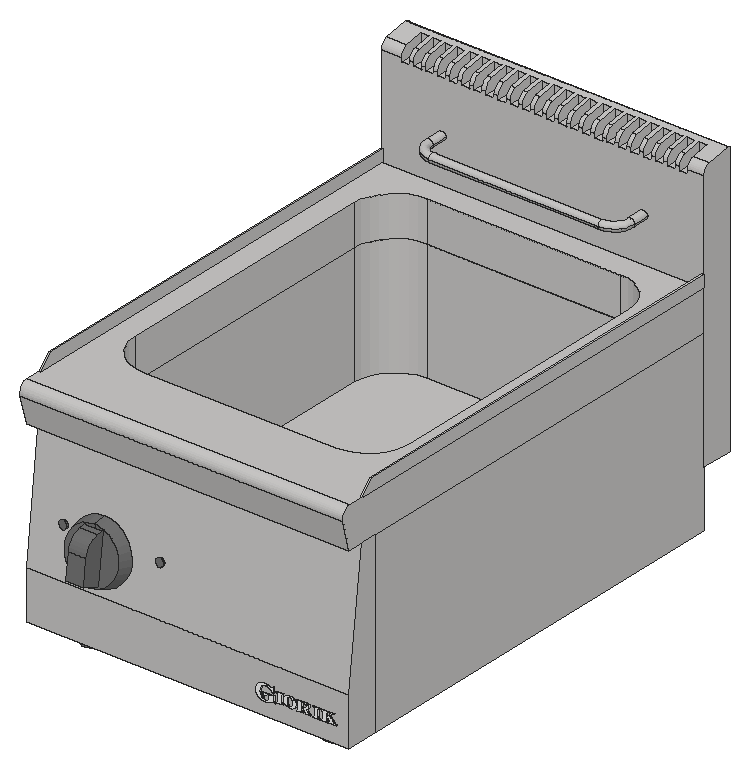
Revit family "QF_GIORIK_LSE4711", category Specialty Equipment, Revit 2014
Parameters (values of type "LSE4711")
  Weight in Pounds = 48.5016
  Watts = 1400 W
  Volts = 230 V
  URL Cutsheet = "www.giorik.com"
  URL = "www.giorik.com"
  Status [instance] = ""
  Specification by User [instance] = ""
  Specification by Manufacturer = ""
  Show Logo [instance] = yes
  Show Clearance [instance] = yes
  Serial Number = ""
  Seismic Rating = ""
  SMACNA No = ""
  Revision Code [instance] = ""
  Phase = 1
  Number of Poles [instance] = 1
  NAFEM Spec ID Number = ""
  Model = "LSE4711"
  Min Ckt Ampacity = 0 A
  Max Overcurrent Protection = 0 A
  Masterspec = ""
  Manufacturer = "GIORIK"
  Item Number [instance] = ""
  Installed By [instance] = ""
  Identify Quantity as Lot [instance] = no
  HP = "1.877428000000"
  Furnished By [instance] = ""
  Foodservice Equipment Identifier [instance] = yes
  FL Amps = 0 A
  Electrical Remarks [instance] = ""
  Electric Connection Type [instance] = ""
  Elec Conn RI Height [instance] = 0 mm
  Elec Conn Connection Height [instance] = 45 mm
  Description = "CHIPS SCUTTLES GN 2/3"
  Cycle = 50 Hz
  Conn Plug = ""
  CSI MasterFormat = ""
  Assembly Code = "E1090320"
  Apparent Power = 1400 VA
Reference planes
  plane 1 "Back": y = 0
  plane 2: z = 0
  plane 3 "Left": x = 0
  plane 4 "Right": x = 400
  plane 5 "Front": y = -600
  plane 6 "Top": z = 430
Forms (mm)
  Extrusion 1, solid
    sketch origin (0, 1000, -578.42) x (0, 1, 0) y (0, 0, 1)
      loop
        line (-1040.007, 869.975) -> (-1589.445, 869.975)
        arc (-1589.445, 869.975) -> (-1598.171, 865.672) -> (-1600.069, 856.13) r 10.999
        line (-1600.069, 856.13) -> (-1590.388, 820) -> (-1040.007, 820) -> (-1040.007, 869.975)
    from 0 to 400
  Extrusion 2, solid
    sketch origin (0, 0, -558.42) x (0, 1, 0) y (0, 0, 1)
      loop
        line (-570.06, 849.975) -> (-40.007, 849.975) -> (-40.007, 864.975) -> (-555.06, 864.975) -> (-570.06, 849.975)
    from 0 to 1.85
  Extrusion 3, solid
    sketch origin (0, 0, -558.42) x (0, 1, 0) y (0, 0, 1)
      loop
        line (-40.007, 800) -> (-550, 800) -> (-550, 580) -> (-40.007, 580) -> (-40.007, 800)
    from 0 to 400
  Extrusion 4, solid
    sketch origin (0, 0, -558.42) x (0, 1, 0) y (0, 0, 1)
      loop
        line (-550, 800) -> (-570.5, 800) -> (-590, 640) -> (-590, 580) -> (-550, 580) -> (-550, 800)
    from 0 to 400
  Extrusion 5, solid
    sketch origin (398.094, 0, -558.42) x (0, 1, 0) y (0, 0, 1)
      loop
        line (-570.06, 849.975) -> (-40.007, 849.975) -> (-40.007, 864.975) -> (-555.06, 864.975) -> (-570.06, 849.975)
    from -0.15 to 1.906
  Extrusion 6, solid
    sketch origin (0, 0, -558.42) x (0, 1, 0) y (0, 0, 1)
      loop
        line (-40.007, 974.217) -> (-40.007, 650.827) -> (0, 650.827) -> (0, 988.42)
        arc (0, 988.42) -> (-0.57, 989.648) -> (-1.878, 990) r 1.6
        line (-1.878, 990) -> (-31.072, 984.852)
        arc (-31.072, 984.852) -> (-37.477, 981.162) -> (-40.007, 974.217) r 10.797
    from 0 to 400
  Revolve 7, solid
    sketch origin (100.155, -0.544, -560.289) x (0, 1, 0) y (0, 0, 1)
      loop
        line (-598.03, 706.389) -> (-594.27, 737.013) -> (-609.648, 734.852) -> (-613.772, 701.269) -> (-581.482, 697.305) -> (-580.629, 704.252) -> (-598.03, 706.389)
      axis (-581.482, 697.305) -> (-613.772, 701.269)
    angle from 0 to 360
  Extrusion 8, solid
    sketch origin (-62.831, -0.544, -560.289) x (0, 1, 0) y (0, 0, 1)
      loop
        line (-635.843, 711.553) -> (-639.647, 680.575) -> (-617.415, 671.593) -> (-610.135, 730.882) -> (-617.934, 729.786)
        arc (-617.934, 729.786) -> (-629.982, 723.708) -> (-635.843, 711.553) r 20.998
    from 151.831 to 173.831
  Extrusion 9, solid
    sketch origin (368.319, 0, -561) x (1, 0, 0) y (0, 0, 1)
      loop
        circle (-38.319, 606) r 12.5
    from 20.007 to 40.007
  Extrusion 10, solid, visible <- "Show Logo"
    sketch origin (191.604, -590.5, -4.533) x (-1, 0, 0) y (0, 0, 1)
      loop
        line (-118.824, 58.358) -> (-127.804, 58.358) -> (-125.523, 56.445) -> (-125.523, 48.027) -> (-127.804, 46.113) -> (-118.824, 46.113) -> (-121.105, 48.027) -> (-121.105, 56.445) -> (-118.824, 58.358)
      loop
        line (-163.721, 58.358) -> (-172.7, 58.358) -> (-170.42, 56.445) -> (-170.42, 48.027) -> (-172.7, 46.113) -> (-163.721, 46.113) -> (-166.001, 48.027) -> (-166.001, 56.445) -> (-163.721, 58.358)
      loop
        line (-174.332, 58.358) -> (-183.312, 58.358) -> (-181.031, 56.445) -> (-181.031, 52.435) -> (-186.419, 56.955) -> (-184.416, 58.358) -> (-191.268, 58.358) -> (-188.01, 56.839) -> (-185.455, 54.283) -> (-190.846, 47.858) -> (-193.396, 46.93) -> (-193.396, 46.113) -> (-184.416, 46.113) -> (-185.437, 47.571) -> (-182.443, 51.552) -> (-181.031, 50.894) -> (-181.031, 48.027) -> (-183.312, 46.113) -> (-174.332, 46.113) -> (-176.613, 48.027) -> (-176.613, 56.445) -> (-174.332, 58.358)
      loop
        line (-115.429, 62.063) -> (-115.429, 54.198)
        arc (-115.429, 54.198) -> (-111.618, 57.803) -> (-106.847, 59.986) r 16.039
        arc (-106.847, 59.986) -> (-103.314, 59.837) -> (-100.512, 57.68) r 5.851
        arc (-100.512, 57.68) -> (-98.815, 52.267) -> (-100.512, 46.853) r 9.479
        arc (-100.512, 46.853) -> (-102.406, 44.986) -> (-104.846, 43.93) r 7.236
        arc (-104.846, 43.93) -> (-107.728, 44.111) -> (-110.052, 45.825) r 5.11
        line (-110.052, 45.825) -> (-110.052, 52.001) -> (-116.141, 52.001) -> (-116.141, 45.503) -> (-117.893, 43.751) -> (-114.094, 44.769)
        arc (-114.094, 44.769) -> (-112.56, 44.947) -> (-111.129, 44.366) r 3.115
        arc (-111.129, 44.366) -> (-104.216, 42.091) -> (-97.303, 44.366) r 11.641
        arc (-97.303, 44.366) -> (-93.396, 52.107) -> (-97.303, 59.849) r 9.622
        arc (-97.303, 59.849) -> (-104.369, 62.174) -> (-111.435, 59.849) r 11.898
        line (-111.435, 59.849) -> (-115.429, 62.063)
      loop
        arc (-129.234, 56.068) -> (-135.893, 58.628) -> (-142.552, 56.068) r 9.941
        arc (-142.552, 56.068) -> (-144.234, 52.286) -> (-142.552, 48.505) r 5.093
        arc (-142.552, 48.505) -> (-135.893, 45.945) -> (-129.234, 48.505) r 9.941
        arc (-129.234, 48.505) -> (-127.552, 52.286) -> (-129.234, 56.068) r 5.093
      loop
        arc (-132.628, 54.403) -> (-135.893, 57.668) -> (-139.158, 54.403) r 3.265
        line (-139.158, 54.403) -> (-139.158, 50.169)
        arc (-139.158, 50.169) -> (-135.893, 46.904) -> (-132.628, 50.169) r 3.265
        line (-132.628, 50.169) -> (-132.628, 54.403)
      loop
        arc (-156.363, 58.365) -> (-159.647, 55.081) -> (-156.363, 51.796) r 3.285
        line (-156.363, 51.796) -> (-159.529, 47.306) -> (-162.087, 46.113) -> (-155.847, 46.113) -> (-153.529, 51.083) -> (-150.637, 51.083) -> (-150.637, 47.784) -> (-153.022, 46.113) -> (-144.011, 46.113) -> (-146.094, 47.68) -> (-146.094, 56.493) -> (-144.229, 58.365) -> (-156.363, 58.365)
      loop
        line (-150.637, 57.512) -> (-153.637, 57.512)
        arc (-153.637, 57.512) -> (-156.237, 54.912) -> (-153.637, 52.312) r 2.6
        line (-153.637, 52.312) -> (-150.637, 52.312) -> (-150.637, 57.512)
      loop
        line (-108.924, 52.001) -> (-104.936, 49.005) -> (-100.948, 52.001) -> (-108.924, 52.001)
    from 1.5 to -0.5
  Extrusion 11, void
    sketch origin (10, 0, 431.58) x (0, 1, 0) y (-1, 0, 0)
      loop
        line (-40.007, -25) -> (-9.931, -25) -> (-9.931, -15) -> (-40.007, -15) -> (-40.007, -25)
      loop
        line (-40.007, -40) -> (-9.931, -40) -> (-9.931, -30) -> (-40.007, -30) -> (-40.007, -40)
      loop
        line (-40.007, -55) -> (-9.931, -55) -> (-9.931, -45) -> (-40.007, -45) -> (-40.007, -55)
      loop
        line (-40.007, -70) -> (-9.931, -70) -> (-9.931, -60) -> (-40.007, -60) -> (-40.007, -70)
      loop
        line (-40.007, -85) -> (-9.931, -85) -> (-9.931, -75) -> (-40.007, -75) -> (-40.007, -85)
      loop
        line (-40.007, -100) -> (-9.931, -100) -> (-9.931, -90) -> (-40.007, -90) -> (-40.007, -100)
      loop
        line (-40.007, -115) -> (-9.931, -115) -> (-9.931, -105) -> (-40.007, -105) -> (-40.007, -115)
      loop
        line (-40.007, -130) -> (-9.931, -130) -> (-9.931, -120) -> (-40.007, -120) -> (-40.007, -130)
      loop
        line (-40.007, -145) -> (-9.931, -145) -> (-9.931, -135) -> (-40.007, -135) -> (-40.007, -145)
      loop
        line (-40.007, -160) -> (-9.931, -160) -> (-9.931, -150) -> (-40.007, -150) -> (-40.007, -160)
      loop
        line (-40.007, -175) -> (-9.931, -175) -> (-9.931, -165) -> (-40.007, -165) -> (-40.007, -175)
      loop
        line (-40.007, -190) -> (-9.931, -190) -> (-9.931, -180) -> (-40.007, -180) -> (-40.007, -190)
      loop
        line (-40.007, -205) -> (-9.931, -205) -> (-9.931, -195) -> (-40.007, -195) -> (-40.007, -205)
      loop
        line (-40.007, -220) -> (-9.931, -220) -> (-9.931, -210) -> (-40.007, -210) -> (-40.007, -220)
      loop
        line (-40.007, -235) -> (-9.931, -235) -> (-9.931, -225) -> (-40.007, -225) -> (-40.007, -235)
      loop
        line (-40.007, -250) -> (-9.931, -250) -> (-9.931, -240) -> (-40.007, -240) -> (-40.007, -250)
      loop
        line (-40.007, -265) -> (-9.931, -265) -> (-9.931, -255) -> (-40.007, -255) -> (-40.007, -265)
      loop
        line (-40.007, -280) -> (-9.931, -280) -> (-9.931, -270) -> (-40.007, -270) -> (-40.007, -280)
      loop
        line (-40.007, -295) -> (-9.931, -295) -> (-9.931, -285) -> (-40.007, -285) -> (-40.007, -295)
      loop
        line (-40.007, -310) -> (-9.931, -310) -> (-9.931, -300) -> (-40.007, -300) -> (-40.007, -310)
      loop
        line (-40.007, -325) -> (-9.931, -325) -> (-9.931, -315) -> (-40.007, -315) -> (-40.007, -325)
      loop
        line (-40.007, -340) -> (-9.931, -340) -> (-9.931, -330) -> (-40.007, -330) -> (-40.007, -340)
      loop
        line (-40.007, -355) -> (-9.931, -355) -> (-9.931, -345) -> (-40.007, -345) -> (-40.007, -355)
      loop
        line (-40.007, -370) -> (-9.931, -370) -> (-9.931, -360) -> (-40.007, -360) -> (-40.007, -370)
    from 0 to -20
  Extrusion 12, solid
    sketch origin (566.603, 14.286, -28.42) x (0, 1, 0) y (-1, 0, 0)
      loop
        circle (-79.293, 516.603) r 5
    from 40.385 to 50
  Revolve 13, solid
    sketch origin (50, 18.936, -600) x (0, 1, 0) y (0, 0, 1)
      loop
        line (-83.943, 611.965) -> (-94.752, 611.965) -> (-97.943, 600) -> (-83.943, 600) -> (-83.943, 611.965)
      axis (-83.943, 611.965) -> (-83.943, 600)
    angle from 0 to 360
  Extrusion 14, solid
    sketch origin (-166.603, 14.286, -28.42) x (0, 1, 0) y (-1, 0, 0)
      loop
        circle (-79.293, -516.603) r 5
    from 40.385 to 50
  Revolve 15, solid
    sketch origin (350, 18.936, -600) x (0, 1, 0) y (0, 0, -1)
      loop
        line (-83.943, -611.965) -> (-83.943, -600) -> (-97.943, -600) -> (-94.752, -611.965) -> (-83.943, -611.965)
      axis (-83.943, -611.965) -> (-83.943, -600)
    angle from 0 to 360
  Extrusion 16, solid
    sketch origin (566.603, -469.707, -30) x (0, 1, 0) y (-1, 0, 0)
      loop
        circle (-79.293, 516.603) r 5
    from 41.965 to 51.58
  Revolve 17, solid
    sketch origin (50, -465.057, -600) x (0, 1, 0) y (0, 0, 1)
      loop
        line (-83.943, 611.965) -> (-94.752, 611.965) -> (-97.943, 600) -> (-83.943, 600) -> (-83.943, 611.965)
      axis (-83.943, 611.965) -> (-83.943, 600)
    angle from 0 to 360
  Extrusion 18, solid
    sketch origin (-166.603, -469.707, -30) x (0, 1, 0) y (-1, 0, 0)
      loop
        circle (-79.293, -516.603) r 5
    from 41.965 to 51.58
  Revolve 19, solid
    sketch origin (350, -465.057, -600) x (0, 1, 0) y (0, 0, -1)
      loop
        line (-83.943, -611.965) -> (-83.943, -600) -> (-97.943, -600) -> (-94.752, -611.965) -> (-83.943, -611.965)
      axis (-83.943, -611.965) -> (-83.943, -600)
    angle from 0 to 360
  Extrusion 20, void
    sketch origin (0, 0, 430) x (0, 1, 0) y (-1, 0, 0)
      loop
        arc (-70, -80) -> (-84.645, -44.645) -> (-120, -30) r 50
        line (-120, -30) -> (-460, -30)
        arc (-460, -30) -> (-495.355, -44.645) -> (-510, -80) r 50
        line (-510, -80) -> (-510, -320.349)
        arc (-510, -320.349) -> (-495.355, -355.704) -> (-460, -370.349) r 50
        line (-460, -370.349) -> (-120, -370.349)
        arc (-120, -370.349) -> (-84.645, -355.704) -> (-70, -320.349) r 50
        line (-70, -320.349) -> (-70, -80)
    from -97.843 to -337.592
  Extrusion 21, solid
    sketch origin (49, -596.729, 0.679) x (1, 0, 0) y (0, 0.099832, 0.995004)
      loop
        circle (111, 140.949) r 5
    from 0 to 0.966
  Extrusion 22, solid
    sketch origin (-48.845, -596.729, 0.679) x (1, 0, 0) y (0, 0.099832, 0.995004)
      loop
        circle (89, 140.949) r 5
    from 0 to 0.966
  Sweep 23, solid
    path origin (0, -95.007, 346.556) x (0, 1, 0) y (-1, 0, 0)
      loop
        line (55, -75) -> (35, -75)
        arc (35, -75) -> (20.858, -80.858) -> (15, -95) r 20
        line (15, -95) -> (15, -305)
        arc (15, -305) -> (20.858, -319.142) -> (35, -325) r 20
        line (35, -325) -> (55, -325)
    profile origin (75, -50.007, 346.556) x (1, 0, 0) y (0, 0, 1)
      loop
        circle (0, 0) r 5
Cuts and joins
  Extrusion 11 cuts Extrusion 6
  Extrusion 20 cuts Extrusion 1
  Extrusion 20 cuts Extrusion 3
Lines and regions (mm)
  symbolic lines, style "200-EquipInternal-2D"
    curve 1: line (25, -9.931, 290) -> (25, -40.007, 290)
    curve 2: line (35, -40.007, 290) -> (35, -9.931, 290)
    curve 3: line (40, -9.931, 290) -> (40, -40.007, 290)
    curve 4: line (50, -40.007, 290) -> (50, -9.931, 290)
    curve 5: line (55, -9.931, 290) -> (55, -40.007, 290)
    curve 6: line (65, -40.007, 290) -> (65, -9.931, 290)
    curve 7: line (85, -9.931, 290) -> (85, -40.007, 290)
    curve 8: line (95, -40.007, 290) -> (95, -9.931, 290)
    curve 9: line (100, -9.931, 290) -> (100, -40.007, 290)
    curve 10: line (110, -40.007, 290) -> (110, -9.931, 290)
    curve 11: line (140, -40.007, 290) -> (140, -9.931, 290)
    curve 12: line (130, -9.931, 290) -> (130, -40.007, 290)
    curve 13: line (155, -40.007, 290) -> (155, -9.931, 290)
    curve 14: line (160, -9.931, 290) -> (160, -40.007, 290)
    curve 15: line (170, -40.007, 290) -> (170, -9.931, 290)
    curve 16: line (145, -9.931, 290) -> (145, -40.007, 290)
    curve 17: line (200, -40.007, 290) -> (200, -9.931, 290)
    curve 18: line (190, -9.931, 290) -> (190, -40.007, 290)
    curve 19: line (205, -9.931, 290) -> (205, -40.007, 290)
    curve 20: line (215, -40.007, 290) -> (215, -9.931, 290)
    curve 21: line (220, -9.931, 290) -> (220, -40.007, 290)
    curve 22: line (230, -40.007, 290) -> (230, -9.931, 290)
    curve 23: line (250, -9.931, 290) -> (250, -40.007, 290)
    curve 24: line (260, -40.007, 290) -> (260, -9.931, 290)
    curve 25: line (265, -9.931, 290) -> (265, -40.007, 290)
    curve 26: line (275, -40.007, 290) -> (275, -9.931, 290)
    curve 27: line (280, -9.931, 290) -> (280, -40.007, 290)
    curve 28: line (290, -40.007, 290) -> (290, -9.931, 290)
    curve 29: line (320, -40.007, 290) -> (320, -9.931, 290)
    curve 30: line (310, -9.931, 290) -> (310, -40.007, 290)
    curve 31: line (335, -40.007, 290) -> (335, -9.931, 290)
    curve 32: line (325, -9.931, 290) -> (325, -40.007, 290)
    curve 33: line (340, -9.931, 290) -> (340, -40.007, 290)
    curve 34: line (350, -40.007, 290) -> (350, -9.931, 290)
    curve 35: line (370, -9.931, 290) -> (370, -40.007, 290)
    curve 36: line (380, -40.007, 290) -> (380, -9.931, 290)
    curve 37: line (380, -9.931, 290) -> (370, -9.931, 290)
    curve 38: line (350, -9.931, 290) -> (340, -9.931, 290)
    curve 39: line (335, -9.931, 290) -> (325, -9.931, 290)
    curve 40: line (320, -9.931, 290) -> (310, -9.931, 290)
    curve 41: line (275, -9.931, 290) -> (265, -9.931, 290)
    curve 42: line (110, -9.931, 290) -> (100, -9.931, 290)
    curve 43: line (95, -9.931, 290) -> (85, -9.931, 290)
    curve 44: line (65, -9.931, 290) -> (55, -9.931, 290)
    curve 45: line (35, -9.931, 290) -> (25, -9.931, 290)
    curve 46: line (140, -9.931, 290) -> (130, -9.931, 290)
    curve 47: line (155, -9.931, 290) -> (145, -9.931, 290)
    curve 48: line (170, -9.931, 290) -> (160, -9.931, 290)
    curve 49: line (200, -9.931, 290) -> (190, -9.931, 290)
    curve 50: line (215, -9.931, 290) -> (205, -9.931, 290)
    curve 51: line (230, -9.931, 290) -> (220, -9.931, 290)
    curve 52: line (260, -9.931, 290) -> (250, -9.931, 290)
    curve 53: line (50, -9.931, 290) -> (40, -9.931, 290)
    curve 54: line (70, -9.931, 430) -> (70, -40.007, 430)
    curve 55: line (80, -40.007, 430) -> (80, -9.931, 430)
    curve 56: line (80, -9.931, 430) -> (70, -9.931, 430)
    curve 57: line (175, -9.931, 430) -> (175, -40.007, 430)
    curve 58: line (185, -40.007, 430) -> (185, -9.931, 430)
    curve 59: line (185, -9.931, 430) -> (175, -9.931, 430)
    curve 60: line (235, -9.931, 430) -> (235, -40.007, 430)
    curve 61: line (245, -40.007, 430) -> (245, -9.931, 430)
    curve 62: line (245, -9.931, 430) -> (235, -9.931, 430)
    curve 63: line (290, -9.931, 430) -> (280, -9.931, 430)
    curve 64: line (305, -9.931, 430) -> (295, -9.931, 430)
    curve 65: line (295, -9.931, 430) -> (295, -40.007, 430)
    curve 66: line (305, -40.007, 430) -> (305, -9.931, 430)
    curve 67: line (355, -9.931, 430) -> (355, -40.007, 430)
    curve 68: line (365, -40.007, 430) -> (365, -9.931, 430)
    curve 69: line (365, -9.931, 430) -> (355, -9.931, 430)
    curve 70: line (400, -9.931, 430) -> (400, -40.007, 430)
    curve 71: line (125, -9.931, 430) -> (115, -9.931, 430)
    curve 72: line (115, -9.931, 430) -> (115, -40.007, 430)
    curve 73: line (125, -40.007, 430) -> (125, -9.931, 430)
    curve 78: line (397.944, -570.06, 430) -> (400, -570.06, 430)
    curve 79: line (397.944, -40.007, 430) -> (397.944, -570.06, 430)
    curve 80: line (83.813, -70, 430) -> (316.099, -70, 430)
    curve 81: line (370, -120, 430) -> (370, -460, 430)
    curve 82: line (30, -460, 430) -> (30, -120, 430)
    curve 83: arc (80, -510, 430) -> (44.645, -495.355, 430) -> (30, -460, 430) r 50
    curve 84: line (320, -510, 430) -> (80, -510, 430)
    curve 85: arc (370, -460, 430) -> (355.355, -495.355, 430) -> (320, -510, 430) r 50
    curve 86: line (0, -570.06, 430) -> (1.85, -570.06, 430)
    curve 87: line (1.85, -570.06, 430) -> (1.85, -40.007, 430)
    curve 88: line (1.85, -40.007, 430) -> (397.944, -40.007, 430)
    curve 89: arc (72.184, -70.615, 430) -> (41.982, -87.525, 430) -> (30, -120, 430) r 50
    curve 90: arc (370, -120, 430) -> (358.007, -87.512, 430) -> (327.782, -70.609, 430) r 50
    curve 91: line (320, -40.007, 430) -> (320, -60.789, 430)
    curve 92: line (330, -60.401, 430) -> (330, -40.007, 430)
    curve 93: line (305.79, -74.999, 430) -> (94.451, -74.999, 430)
    curve 94: line (94.495, -84.999, 430) -> (305.402, -84.999, 430)
    curve 95: arc (305.402, -84.999, 430) -> (322.796, -77.794, 430) -> (330, -60.401, 430) r 24.598
    curve 96: arc (320, -60.789, 430) -> (315.838, -70.837, 430) -> (305.79, -74.999, 430) r 14.21
    curve 97: line (70, -40.007, 430) -> (70, -60.504, 430)
    curve 98: line (80, -60.007, 430) -> (80, -40.007, 430)
    curve 99: arc (80, -60.007, 430) -> (84.201, -70.418, 430) -> (94.451, -74.999, 430) r 15.002
    curve 100: arc (70, -60.504, 430) -> (77.174, -77.824, 430) -> (94.495, -84.999, 430) r 24.495
  symbolic lines, style "200-EquipBorder-2D"
    curve 74: line (400, 0, 430) -> (0, 0, 430)
    curve 75: line (400, -600, 430) -> (400, 0, 430)
    curve 76: line (0, 0, 430) -> (0, -600, 430)
    curve 77: line (0, -600, 430) -> (400, -600, 430)
    curve 101: spline (89, -618.202, 990) -> (85.789, -618.041, 990) -> (82.73, -617.841, 990) -> (79.856, -617.604, 990) -> (77.196, -617.332, 990) -> (74.779, -617.028, 990) -> (72.63, -616.696, 990) -> (70.772, -616.338, 990) -> (69.225, -615.96, 990) -> (68.004, -615.563, 990) -> (67.122, -615.154, 990) -> (66.59, -614.736, 990) -> (66.412, -614.313, 990)
    curve 102: spline (134.073, -614.408, 990) -> (133.819, -614.826, 990) -> (133.218, -615.239, 990) -> (132.275, -615.643, 990) -> (131.001, -616.033, 990) -> (129.408, -616.405, 990) -> (127.513, -616.755, 990) -> (125.336, -617.08, 990) -> (122.898, -617.376, 990) -> (120.227, -617.641, 990) -> (117.348, -617.871, 990) -> (114.293, -618.065, 990) -> (111.091, -618.219, 990)
    curve 103: line (66.412, -614.313, 990) -> (62.459, -600, 990)
    curve 104: line (134.073, -614.408, 990) -> (137.839, -600, 990)
    curve 105: line (89, -640.19, 430) -> (89, -610.679, 430)
    curve 106: line (89, -640.19, 430) -> (111, -640.19, 430)
    curve 107: line (111, -640.19, 430) -> (111, -610.679, 430)
    curve 108: spline (66.412, -614.313, 430) -> (67.564, -613.264, 430) -> (70.941, -612.286, 430) -> (76.314, -611.446, 430) -> (83.316, -610.802, 430) -> (91.47, -610.396, 430) -> (100.22, -610.258, 430) -> (108.97, -610.396, 430) -> (117.124, -610.802, 430) -> (124.126, -611.446, 430) -> (129.499, -612.286, 430) -> (132.877, -613.264, 430) -> (134.029, -614.313, 430)
    curve 109: line (89, -610.679, 430) -> (111, -610.679, 430)
Dimensions and locks
  plane 3 "Left" to plane 4 "Right" = 400 mm
  plane 5 "Front" to plane 1 "Back" = 600 mm
  plane 4 "Right" to plane 3 "Left" = 400 mm
  plane 1 "Back" to plane 5 "Front" = 600 mm
  plane 6 "Top" to level = 430 mm  (x2)
  aligned and locked: level to plane 2
Connectors
  electrical at (330, -20.007, 45), driven by "Apparent Power", driven by "Volts", driven by "Number of Poles"
    settings: on Extrusion 9, index 1, voltage 230 V, apparent load 0 VA, apparent load phase1 1400 VA, apparent load phase2 0 VA, apparent load phase3 0 VA, power factor 1, load classification "Other", number of poles 1, system type 31, power factor state 1, is connector primary yes, connector utility no, sub classification motor no, connector description "Electrical connection"
